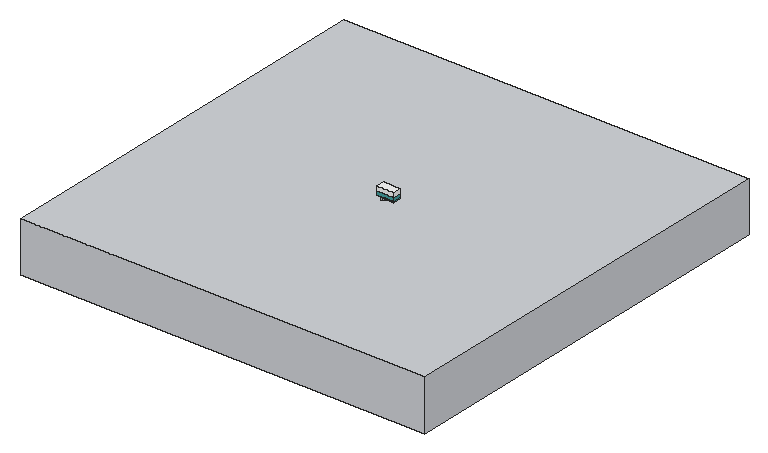
Revit family "Gira_217600", category Elektroinstallationen, Revit 2017
Family settings
  Basisbauteil = Fläche
  Beschriftungsausrichtung beibehalten = Nein
  Bemaßung runder Anschluss = Durchmesser verwenden
  Teiletyp = Normal
  Beim Laden mit Abzugskörper schneiden = Nein
  Gemeinsam genutzt = Nein
  Raumberechnungspunkt = Nein
Parameters
  Default Elevation = 1219.2 mm
  URL = "https://www.gira.de/"
  Typname = "Stellantrieb 3 KNX"
  Schutzart (IP) = "IP20"
  Produktseite = "http://katalog.gira.de/de_DE/datenblatt.html?artikelnr=217600"
  Montageart = "Heizkörperventil"
  Mit Busankopplung = no
  Hersteller = "Gira"
  HAN = "217600"
  GTIN = "4010337019374"
  Funk bidirektional = no
  Datenblatt = "https://katalog.gira.de/de_DE/download.html?artikelnr=217600"
  Bussystem Powernet = no
  Bussystem LON = no
  Bussystem KNX-Funk = no
  Bussystem KNX = yes
  Bussystem Funkbus = no
  Beschreibung = "KNX Stellantrieb 3   Merkmale:  Elektromotorischer Stellantrieb mit einem Binareingang (potenzialfrei) zur Montage auf ThermostatVentilunterteile (Empfehlung: Heimeier) zur Regelung von Heizungs oder Kühlsystemen.  Geeignet fur die Raumtemperaturregelung z. B. an Heizkörpern, Radiatoren, Konvektoren oder Heizkreisverteilern an Fusbodenheizungen usw.  Aufschrauben auf Ventilkopf.  Anschluss M30×1,5 mm.  Integrierter Busankoppler. Der Stellantrieb ist ein Proportionalantrieb und kann direkt (ohne zusätzlichen Busankoppler) in das KNX System integriert werden.  Versorgungsspannung wird aus dem KNX System bezogen.  Integrierter Temperatursensor.  Integrierter Raumtemperaturregler.  Mechanische Anzeige des Ventilhubs.  Automatische Erkennung des Ventilhubs.  Ein Eingang. Dieser ist nutzbar als Binäreingang oder zum Anschluss eines externen Temperatursensors mit den Funktionen:   Schalten, Dimmen, Jalousie, als Dimmwertgeber, als Temperaturwertgeber, als Helligkeitswertgeber, als Lichtszenennebenstelle mit und ohne Speicherfunktion, als Temperaturfernfühler oder als Temperaturbegrenzer für Fußbodenheizung.  Funktion Schalten: zwei unabhängige Schaltobjekte für jeden Eingang vorhanden (Schaltbefehle sind einzeln parametrierbar), Befehl bei steigender und fallender Flanke unabhängig einstellbar (EIN, AUS, UM, keine Reaktion).  Funktion Dimmen: Einflächen und Zweiflächenbedienung, Zeit zwischen Dimmen und Schalten, Telegrammwiederholung und Stopptelegramm senden möglich.  Funktion Jalousie: Befehl bei steigender Flanke einstellbar (keine Funktion, AUF, AB, UM), Bedienkonzept parametrierbar (Step  Move  Step oder Move  Step), Zeit zwischen Kurz und Langzeitbetrieb einstellbar (nur bei Step  Move  Step), Lamellenverstellzeit einstellbar.   Funktion Wertgeber: Flanke (Taster als Schließer, Taster als Öffner, Schalter) und Wert bei Flanke parametrierbar, Wertverstellung bei Taster über langen Tastendruck für Wertgeber möglich.  Lichtszenennebenstelle mit oder ohne Speicherfunktion.  Einsatz im Heizkreisverteiler möglich.  Schutz gegen festsitzende Ventile  Stellgröße (1 Bit oder 1 Byte).  Zyklische Überwachung der Stellgröße.  Störmeldeobjekt bei Antriebsfehler.  Notbetrieb über internen Temperatursensor.  2 Zwangsstellungen oder 1 Zwangsstellung und 1 Grenzwertobjekt einstellbar.  Minimale und maximale Stellgrößenbegrenzung einstellbar.  Hinweise :  In der Grundeinstellung passt der Stellantrieb auf Ventilunterteile der Fa. Heimeier. Für Ventilunterteile anderer Hersteller Adapter verwenden."
  BIM = "https://media.stage.bim.site/public/gira/876eb45/Stellenantrieb.rfa"
  Andere Bussysteme = "ohne"
Reference planes
  plane 1 "Center (Front/Back)": y = 0
  plane 2: z = 0
  plane 3 "Center (Left/Right)": x = 0
Forms (mm)
  Extrusion 1, solid
    sketch origin (0, 0, 0) x (1, 0, 0) y (0, 1, 0)
      loop
        line (-1219.2, 1219.2) -> (-1219.2, -1219.2) -> (1219.2, -1219.2) -> (1219.2, 1219.2) -> (-1219.2, 1219.2)
    from 0 to -304.8
  Extrusion 2, solid, material "Metal", detail levels medium+fine
    sketch origin (0, 0, 0) x (1, 0, 0) y (0, 1, 0)
      loop
        circle (0, 0) r 16.5
    from 0 to 10
  Extrusion 3, solid, detail levels medium+fine
    sketch origin (0, 0, 0) x (1, 0, 0) y (0, 1, 0)
      loop
        circle (0, 0) r 12.75
    from 10 to 22
  Extrusion 4, solid, material "Blue", detail levels fine
    sketch origin (21.5, 24.143, 14) x (1, 0, 0) y (0, 1, 0)
      loop
        line (0, -1.243) -> (0, -47.043) -> (56.5, -47.043) -> (56.5, -1.243) -> (0, -1.243)
    from 0 to 8
  Extrusion 5, solid, material "Blue", detail levels fine
    sketch origin (0, -1.999, -8) x (1, 0, 0) y (0, 1, 0)
      loop
        line (78, -20.901) -> (78, 24.899) -> (-24, 24.899) -> (-24, -20.901) -> (78, -20.901)
    from 30 to 49.5
  Extrusion 6, solid, material "White", detail levels medium+fine
    sketch origin (0, -1.999, 11.5) x (1, 0, 0) y (0, 1, 0)
      loop
        line (78, -20.901) -> (78, 24.899) -> (-24, 24.899) -> (-24, -20.901) -> (78, -20.901)
    from 30 to 59
  Extrusion 7, solid, material "Blue", detail levels medium
    sketch origin (0, -1.999, -8) x (1, 0, 0) y (0, 1, 0)
      loop
        line (78, -20.901) -> (78, 24.899) -> (-24, 24.899) -> (-24, -20.901) -> (78, -20.901)
    from 22 to 49.5
  Extrusion 8, solid, material "White", detail levels coarse
    sketch origin (0, -1.999, 11.5) x (1, 0, 0) y (0, 1, 0)
      loop
        line (78, -20.901) -> (78, 24.899) -> (-24, 24.899) -> (-24, -20.901) -> (78, -20.901)
    from -11.5 to 59
Dimensions and locks
  aligned and locked: plane 2 to Extrusion 1
  aligned and locked: level to Extrusion 1
Connectors
  electrical at (0, 0, 0)
    settings: on Extrusion 2, index 1, voltage 220 V, apparent load 0 VA, apparent load phase1 0 VA, apparent load phase2 0 VA, apparent load phase3 0 VA, power factor 1, load classification "Other", number of poles 1, system type 30, power factor state 1, is connector primary yes, connector utility no, sub classification motor no, connector description ""
